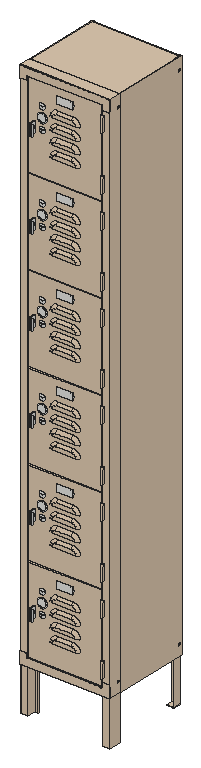
Revit family "Metal_Lockers-Salsbury_Industries-65000_66000_Series-1_Wide_Units", category Specialty Equipment, Revit 2023 (continued)
Definition of nested family "Metal Locker End Panel"
  Reference planes (in)
    plane 13 "Outside Edge of Front Flap": y = -8.23214
    plane 14 "Outside Edge of Back Flap": y = 3.898
  Forms (in)
    Extrusion 1, solid, material <- "Primary Structure Material", visible <- "Visible"
      sketch origin (-4.1325, 0.48244, 0) x (0, 0, -1) y (0, -1, 0)
        loop
          line (-72, 8.71458) -> (-72, -3.41556) -> (0, -3.41556) -> (0, 8.71458) -> (-72, 8.71458)
      from 0 to -0.06
    Extrusion 2, solid, material <- "Primary Structure Material", visible <- "Visible"
      sketch origin (0, 3.838, 0) x (0, 0, -1) y (1, 0, 0)
        loop
          line (-72, -5.0575) -> (0, -5.0575) -> (0, -4.1325) -> (-72, -4.1325) -> (-72, -5.0575)
      from 0 to -0.06
    Extrusion 3, solid, material <- "Primary Structure Material", visible <- "Visible"
      sketch origin (0, -8.172, 0) x (1, 0, 0) y (0, 0, 1)
        loop
          line (-5.0575, 70.283) -> (-5.0575, 1.717) -> (-4.1325, 1.717) -> (-4.1325, 70.283) -> (-5.0575, 70.283)
      from 0.06014 to 0
  Dimensions and locks (in)
    equal spacing: plane 6 "Front of Panel", plane 1 "Center (Front/Back)", plane 9 "Back of Panel"
    "Depth": plane 6 "Front of Panel" to plane 9 "Back of Panel"
    equal spacing: plane 8 "Left Side of Enclosure", plane 3 "Center (Left/Right)", plane 7 "Right Side of Enclosure"
    "Width": plane 8 "Left Side of Enclosure" to plane 7 "Right Side of Enclosure"
    equal spacing: plane 5 "Top of Panel", plane 10, plane 2
    "Height": plane 5 "Top of Panel" to plane 2
    locked: plane 5 "Top of Panel" to plane 11 at 1.717
    locked: plane 13 "Outside Edge of Front Flap" to plane 6 "Front of Panel" at 0.06014
    locked: plane 9 "Back of Panel" to plane 14 "Outside Edge of Back Flap" at 0.06
    aligned and locked: level to plane 2
    aligned and locked: plane 5 "Top of Panel" to Extrusion 1 sketch curve
    aligned and locked: plane 5 "Top of Panel" to Extrusion 2 sketch curve
    aligned and locked: Extrusion 2 to plane 9 "Back of Panel"
    aligned and locked: plane 11 to Extrusion 3 sketch curve
    aligned and locked: plane 6 "Front of Panel" to Extrusion 3
    aligned and locked: plane 14 "Outside Edge of Back Flap" to Extrusion 2
    aligned and locked: Extrusion 1 to plane 14 "Outside Edge of Back Flap"
    aligned and locked: plane 13 "Outside Edge of Front Flap" to Extrusion 3
    aligned and locked: Extrusion 2 to plane 7 "Right Side of Enclosure"
    aligned and locked: Extrusion 3 to plane 7 "Right Side of Enclosure"
  Automatic sketch dimensions
    Extrusion 1 sketch curve to level = 0.000"
    Extrusion 2 sketch curve to level = 0.000"
    plane 8 "Left Side of Enclosure" to Extrusion 2 sketch curve = 0.000"
    plane 7 "Right Side of Enclosure" to Extrusion 2 sketch curve = 0.000"
    plane 8 "Left Side of Enclosure" to Extrusion 3 sketch curve = 0.000"
    Extrusion 3 sketch curve to plane 12 = 0.000"
    plane 7 "Right Side of Enclosure" to Extrusion 3 sketch curve = 0.000"
    Extrusion 1 sketch curve to plane 14 "Outside Edge of Back Flap" = 0.000"
    plane 6 "Front of Panel" to Extrusion 1 sketch curve = 0.06014"
Definition of nested family "Metal Locker Front Filler"
  Parameters (values of type "77869 - for 6' H Lockers (Zee Base or No Legs)")
    Width = 9.000"
    Visible = yes
    Version = "1.0 (11/30/15)"
    Type Comments = "Vertical Front Filler for Standard Metal Lockers"
    Primary Structure Material = none
    Model = "77865"
    MasterFormat Title = ""
    MasterFormat Number = ""
    Manufacturer = "Salsbury Industries"
    Height = 72.000"
    Description = "9\" W Vertical Front Filler for 6' H Lockers"
    Depth = 1.500"
    Default Elevation = 0.000"
    Assembly Code = ""
  Types (9): name | Width | Visible | Model | Height | Description | Depth
    77865 - for 6' H Lockers with Legs | 15.000" | yes | "77865" | 78.000" | "15\" W Vertical Front Filler for 6' H Lockers" | 1.000"
    77869 - for 6' H Lockers with Legs | 9.000" | yes | "77865" | 78.000" | "9\" W Vertical Front Filler for 6' H Lockers" | 1.000"
    77855 - for 5' H Lockers with Legs | 15.000" | yes | "77855" | 66.000" | "15\" W Vertical Front Filler for 5' H Lockers" | 1.000"
    77859 - for 5' H Lockers with Legs | 9.000" | yes | "77859" | 66.000" | "9\" W Vertical Front Filler for 5' H Lockers" | 1.000"
    None | 15.000" | no | "n/a" | 78.000" | "" | 1.500"
    77865 - for 6' H Lockers (Zee Base or No Legs) | 15.000" | yes | "77865" | 72.000" | "15\" W Vertical Front Filler for 6' H Lockers" | 1.000"
    77869 - for 6' H Lockers (Zee Base or No Legs) | 9.000" | yes | "77865" | 72.000" | "9\" W Vertical Front Filler for 6' H Lockers" | 1.500"
    77859 - for 5' H Lockers (Zee Base or No Legs) | 9.000" | yes | "77859" | 60.000" | "9\" W Vertical Front Filler for 5' H Lockers" | 1.000"
    77855 - for 5' H Lockers (Zee Base or No Legs) | 15.000" | yes | "77855" | 60.000" | "15\" W Vertical Front Filler for 5' H Lockers" | 1.000"
  Reference planes (in)
    plane 1 "Center (Front/Back)": y = -2.167
    plane 2: z = 0
    plane 3 "Center (Left/Right)": x = -4.595
    plane 4 "Bottom of Filler": z = 0
    plane 5 "Top of Panel": z = 72
    plane 6 "Front of Filler": y = -2.917
    plane 7 "Right Side of Filler": x = -0.095
    plane 8 "Left Side of Filler": x = -9.095
    plane 9 "Back of Filler": y = -1.417
    plane 10: z = 36
  Forms (in)
    Extrusion 1, solid, material <- "Primary Structure Material", visible <- "Visible"
      sketch origin (0, 0, 0) x (0, -1, 0) y (1, 0, 0)
        loop
          line (1.417, -9.095) -> (2.917, -9.095) -> (2.917, -1.095) -> (2.869, -1.095) -> (2.869, -9.047) -> (1.417, -9.047) -> (1.417, -9.095)
      from 0 to 72
    Extrusion 2, solid, material <- "Primary Structure Material", visible <- "Visible"
      sketch origin (0, -0.20425, 0) x (0, -1, 0) y (1, 0, 0)
        loop
          line (1.30875, -0.095) -> (1.30875, -0.143) -> (2.76075, -0.143) -> (2.76075, -1.595) -> (2.80875, -1.595) -> (2.80875, -0.095) -> (1.30875, -0.095)
      from 0 to 72
    Extrusion 3, solid, material <- "Primary Structure Material", visible <- "Visible"
      sketch origin (0, 0.10825, 0) x (0, -1, 0) y (1, 0, 0)
        loop
          line (3.07325, -1.595) -> (3.07325, -0.82524) -> (3.02525, -0.82524) -> (3.02525, -1.376) -> (3.02525, -1.449) -> (3.02525, -1.522) -> (3.02525, -1.595) -> (3.07325, -1.595)
      from 0 to 72
    Extrusion 4, solid, material <- "Primary Structure Material", visible <- "Visible"
      sketch origin (0, 0, 0) x (0, -1, 0) y (1, 0, 0)
        loop
          line (2.917, -0.82524) -> (2.821, -0.82524) -> (2.821, -1.80024) -> (2.869, -1.80024) -> (2.869, -0.87324) -> (2.917, -0.87324) -> (2.917, -0.82524)
      from 0 to 72
  Dimensions and locks (in)
    equal spacing: plane 6 "Front of Filler", plane 1 "Center (Front/Back)", plane 9 "Back of Filler"
    "Depth": plane 6 "Front of Filler" to plane 9 "Back of Filler"
    equal spacing: plane 8 "Left Side of Filler", plane 3 "Center (Left/Right)", plane 7 "Right Side of Filler"
    "Width": plane 8 "Left Side of Filler" to plane 7 "Right Side of Filler"
    equal spacing: plane 5 "Top of Panel", plane 10, plane 2
    "Height": plane 5 "Top of Panel" to plane 2
    aligned and locked: level to plane 2
    aligned and locked: Extrusion 1 to plane 5 "Top of Panel"
    aligned and locked: Extrusion 2 to plane 5 "Top of Panel"
    aligned and locked: Extrusion 3 to plane 5 "Top of Panel"
    aligned and locked: Extrusion 4 to plane 5 "Top of Panel"
  Automatic sketch dimensions
    plane 9 "Back of Filler" to Extrusion 1 sketch curve = 0.000"
    plane 6 "Front of Filler" to Extrusion 1 sketch curve = 0.000"
    Extrusion 1 sketch curve to plane 8 "Left Side of Filler" = 0.000"
    Extrusion 1 sketch curve to plane 6 "Front of Filler" = 0.048"
    Extrusion 1 sketch curve to Extrusion 1 sketch curve = 0.048"
    plane 7 "Right Side of Filler" to Extrusion 1 sketch curve = 1.000"
    Extrusion 2 sketch curve to plane 7 "Right Side of Filler" = 0.000"
    plane 7 "Right Side of Filler" to Extrusion 2 sketch curve = 0.048"
    plane 9 "Back of Filler" to Extrusion 2 sketch curve = 0.096"
    plane 6 "Front of Filler" to Extrusion 2 sketch curve = 0.048"
    Extrusion 2 sketch curve to Extrusion 2 sketch curve = 0.048"
    Extrusion 2 sketch curve to Extrusion 2 sketch curve = 1.452"
    plane 6 "Front of Filler" to Extrusion 3 sketch curve = 0.000"
    plane 7 "Right Side of Filler" to Extrusion 3 sketch curve = 1.500"
    Extrusion 3 sketch curve to Extrusion 3 sketch curve = 0.073"  (x3)
    Extrusion 3 sketch curve to Extrusion 3 sketch curve = 0.55076"
    Extrusion 3 sketch curve to Extrusion 3 sketch curve = 0.048"
    plane 6 "Front of Filler" to Extrusion 4 sketch curve = 0.000"
    Extrusion 4 sketch curve to plane 6 "Front of Filler" = 0.048"
    Extrusion 4 sketch curve to Extrusion 4 sketch curve = 0.048"  (x2)
    plane 7 "Right Side of Filler" to Extrusion 4 sketch curve = 1.70524"
    plane 7 "Right Side of Filler" to Extrusion 4 sketch curve = 0.77824"
Definition of nested family "Metal Locker Flat Top Filler"
  Parameters (values of type "77842 - for 12" Deep Lockers (15" W)")
    Width = 16.250"
    Visible = yes
    Version = "1.0 (11/30/15)"
    Type Comments = "Flat Top Filler for Standard Metal Lockers"
    Primary Structure Material = none
    Model = "77842"
    MasterFormat Title = ""
    MasterFormat Number = ""
    Manufacturer = "Salsbury Industries"
    Height = 1.003"
    Description = "15\"W Flat Top In-Line Filler"
    Depth = 12.118"
    Default Elevation = 0.000"
    Assembly Code = ""
  Types (7): name | Width | Visible | Model | Depth
    77842 - for 12" Deep Lockers (15" W) | 16.250" | yes | "77842" | 12.118"
    77842 - for 12" Deep Lockers (9" W) | 10.250" | yes | "77842" | 12.118"
    77845 - for 15" Deep Lockers (15" W) | 16.250" | yes | "77845" | 15.118"
    77845 - for 15" Deep Lockers (9" W) | 10.250" | yes | "77845" | 15.118"
    77848 - for 18" Deep Lockers (15" W) | 16.250" | yes | "77848" | 18.118"
    77848 - for 18" Deep Lockers (9" W) | 10.250" | yes | "77848" | 18.118"
    None | 16.250" | no | "" | 12.118"
  Reference planes (in)
    plane 1 "Center (Front/Back)": y = -2.167
    plane 2: z = 0
    plane 3 "Center (Left/Right)": x = -4.595
    plane 4 "Bottom of Panel": z = 0
    plane 5 "Top of Panel": z = 1.003
    plane 6 "Front of Panel": y = -8.226
    plane 7 "Right Side of Enclosure": x = 3.53
    plane 8 "Left Side of Enclosure": x = -12.72
    plane 9 "Back of Panel": y = 3.892
    plane 10: z = 0.5015
  Forms (in)
    Extrusion 1, solid, material <- "Primary Structure Material", visible <- "Visible"
      sketch origin (-4.595, 0, 0) x (0, 1, 0) y (0, 0, 1)
        loop
          line (-8.226, 0) -> (-8.178, 0) -> (-8.178, 0.955) -> (3.892, 0.955) -> (3.892, 1.003) -> (-8.226, 1.003) -> (-8.226, 0)
      from -8.125 to 8.125
  Dimensions and locks (in)
    equal spacing: plane 6 "Front of Panel", plane 1 "Center (Front/Back)", plane 9 "Back of Panel"
    "Depth": plane 6 "Front of Panel" to plane 9 "Back of Panel"
    equal spacing: plane 8 "Left Side of Enclosure", plane 3 "Center (Left/Right)", plane 7 "Right Side of Enclosure"
    "Width": plane 8 "Left Side of Enclosure" to plane 7 "Right Side of Enclosure"
    equal spacing: plane 5 "Top of Panel", plane 10, plane 2
    "Height": plane 5 "Top of Panel" to plane 2
    aligned and locked: level to plane 2
    aligned and locked: Extrusion 1 to plane 7 "Right Side of Enclosure"
    aligned and locked: plane 8 "Left Side of Enclosure" to Extrusion 1
    aligned and locked: plane 6 "Front of Panel" to Extrusion 1
    aligned and locked: Extrusion 1 to plane 9 "Back of Panel"
  Automatic sketch dimensions
    plane 5 "Top of Panel" to Extrusion 1 sketch curve = 0.000"
    Extrusion 1 sketch curve to plane 6 "Front of Panel" = 0.000"
    Extrusion 1 sketch curve to level = 0.000"
    Extrusion 1 sketch curve to plane 9 "Back of Panel" = 0.000"
    Extrusion 1 sketch curve to plane 6 "Front of Panel" = 0.048"
    plane 5 "Top of Panel" to Extrusion 1 sketch curve = 0.048"
Definition of nested family "Metal Locker Flat Corner Filler"
  Parameters (values of type "77832 - for 12" Deep Lockers")
    Width = 12.625"
    Visible = yes
    Version = "1.0 (11/30/15)"
    Type Comments = "Flat Top Corner Filler for Standard Metal Lockers"
    Primary Structure Material = none
    Model = "77832"
    MasterFormat Title = ""
    MasterFormat Number = ""
    Manufacturer = "Salsbury Industries"
    Height = 0.048"
    Description = "12\"W Flat Top Corner Filler"
    Depth = 12.625"
    Default Elevation = 0.000"
    Assembly Code = ""
  Types (4): name | Width | Visible | Model | Description | Depth
    77832 - for 12" Deep Lockers | 12.625" | yes | "77832" | "12\"W Flat Top Corner Filler" | 12.625"
    77835 - for 15" Deep Lockers | 15.625" | yes | "77835" | "15\"W Flat Top Corner Filler" | 15.625"
    77838 - for 18" Deep Lockers | 18.625" | yes | "77838" | "18\"W Flat Top Corner Filler" | 18.625"
    None | 12.625" | no | "" | "" | 12.625"
  Reference planes (in)
    plane 1 "Center (Front/Back)": y = -2.167
    plane 2: z = 0
    plane 3 "Center (Left/Right)": x = -4.595
    plane 4 "Bottom of Panel": z = 0
    plane 5 "Top of Panel": z = 0.048
    plane 6 "Front of Panel": y = -8.4795
    plane 7 "Right Side of Enclosure": x = 1.7175
    plane 8 "Left Side of Enclosure": x = -10.9075
    plane 9 "Back of Panel": y = 4.1455
    plane 10: z = 0.024
  Forms (in)
    Extrusion 1, solid, material <- "Primary Structure Material", visible <- "Visible"
      sketch origin (0, 0, 0) x (0, -1, 0) y (1, 0, 0)
        loop
          line (7.8545, -10.9075) -> (7.8545, -10.2825) -> (8.4795, -10.2825) -> (8.4795, 1.7175) -> (-4.1455, 1.7175) -> (-4.1455, -10.9075) -> (7.8545, -10.9075)
      from 0 to 0.048
  Dimensions and locks (in)
    equal spacing: plane 6 "Front of Panel", plane 1 "Center (Front/Back)", plane 9 "Back of Panel"
    "Depth": plane 6 "Front of Panel" to plane 9 "Back of Panel"
    equal spacing: plane 8 "Left Side of Enclosure", plane 3 "Center (Left/Right)", plane 7 "Right Side of Enclosure"
    "Width": plane 8 "Left Side of Enclosure" to plane 7 "Right Side of Enclosure"
    equal spacing: plane 5 "Top of Panel", plane 10, plane 2
    "Height": plane 5 "Top of Panel" to plane 2
    aligned and locked: level to plane 2
    aligned and locked: Extrusion 1 to plane 9 "Back of Panel"
    aligned and locked: plane 6 "Front of Panel" to Extrusion 1
    aligned and locked: Extrusion 1 to plane 7 "Right Side of Enclosure"
    aligned and locked: plane 8 "Left Side of Enclosure" to Extrusion 1
  Automatic sketch dimensions
    Extrusion 1 sketch curve to plane 8 "Left Side of Enclosure" = 0.000"
    plane 9 "Back of Panel" to Extrusion 1 sketch curve = 0.000"
    plane 6 "Front of Panel" to Extrusion 1 sketch curve = 0.000"
    Extrusion 1 sketch curve to plane 7 "Right Side of Enclosure" = 0.000"
    Extrusion 1 sketch curve to plane 8 "Left Side of Enclosure" = 0.625"
    Extrusion 1 sketch curve to plane 6 "Front of Panel" = 0.625"
Definition of nested family "Metal Locker Sloping Hood"
  Parameters (values of type "77752 - for 12" Deep Lockers (1 Wide)")
    Width = 12.040"
    Visible = yes
    Version = "1.0 (11/30/15)"
    Type Comments = "Sloping Hood for Standard Metal Lockers"
    Slope Angle = 28.761°
    Primary Structure Material = none
    Model = "77752"
    MasterFormat Title = ""
    MasterFormat Number = ""
    Manufacturer = "Salsbury Industries"
    Height = 6.625"
    Dividing Lines = no
    Description = "12\" Deep for up to (3) 12\" Wide Lockers"
    Depth = 12.070"
    Default Elevation = 0.000"
    Assembly Code = ""
  Types (12): name | Width | Visible | Slope Angle | Model | Height | Dividing Lines | Description | Depth
    77752 - for 12" Deep Lockers (1 Wide) | 12.040" | yes | 28.761° | "77752" | 6.625" | no | "12\" Deep for up to (3) 12\" Wide Lockers" | 12.070"
    77752 - for 12" Deep Lockers (3 Wide) | 36.040" | yes | 28.761° | "77752" | 6.625" | yes | "12\" Deep for up to (3) 12\" Wide Lockers" | 12.070"
    77755 - for 15" Deep Lockers (1 Wide) | 12.040" | yes | 29.946° | "77755" | 8.682" | no | "15\" Deep for up to (3) 12\" Wide Lockers" | 15.070"
    77755 - for 15" Deep Lockers (3 Wide) | 36.040" | yes | 29.946° | "77755" | 8.628" | yes | "15\" Deep for up to (3) 12\" Wide Lockers" | 15.070"
    77758 - for 18" Deep Lockers (1 Wide) | 12.040" | yes | 30.723° | "77758" | 10.739" | no | "18\" Deep for up to (3) 12\" Wide Lockers" | 18.070"
    77758 - for 18" Deep Lockers (3 Wide) | 36.040" | yes | 30.723° | "77758" | 10.739" | yes | "18\" Deep for up to (3) 12\" Wide Lockers" | 18.070"
    None | 12.000" | no | 28.761° | "" | 6.625" | no | "" | 12.070"
    77765 - for 15" Deep Lockers (1 Wide) | 15.040" | yes | 29.946° | "77752" | 6.625" | no | "12\" Deep for up to (3) 12\" Wide Lockers" | 15.070"
    77768 - for 18" Deep Lockers (1 Wide) | 15.040" | yes | 30.723° | "77752" | 6.625" | no | "12\" Deep for up to (3) 12\" Wide Lockers" | 18.070"
    77765 - for 15" Deep Lockers (3 Wide) | 45.040" | yes | 29.946° | "77752" | 6.625" | yes | "12\" Deep for up to (3) 12\" Wide Lockers" | 15.070"
    77768 - for 18" Deep Lockers (3 Wide) | 45.040" | yes | 30.723° | "77752" | 6.625" | yes | "12\" Deep for up to (3) 12\" Wide Lockers" | 18.070"
    77759 - for 18" Deep Bridge Lockers | 72.040" | yes | 30.723° | "77752" | 6.625" | no | "12\" Deep for up to (3) 12\" Wide Lockers" | 18.070"
  Reference planes (in)
    plane 1 "Center (Front/Back)": y = -2.167
    plane 2: z = 0
    plane 3 "Center (Left/Right)": x = -4.595
    plane 4 "Bottom of Panel": z = 0
    plane 5 "Top of Panel": z = 6.625
    plane 6 "Front of Panel": y = -8.202
    plane 7 "Right Side of Enclosure": x = 1.425
    plane 8 "Left Side of Enclosure": x = -10.615
    plane 9 "Back of Panel": y = 3.868
    plane 10: z = 3.3125
    plane 11: through (0, -7.81601, 0.21186) normal (0, -0.4812, 0.8766)
    plane 12: through (0, -7.94397, 0.10626) normal (0, -0.4812, 0.8766)
    plane 13: y = 3.837
    plane 14: y = 3.806
    plane 15: y = 3.775
    plane 16: y = 3.37433
    plane 17 "Divider 1": x = -6.60167
    plane 18 "Divider 2": x = -2.58833
  Forms (in)
    Extrusion 1, solid, material <- "Primary Structure Material", visible <- "Visible"
      sketch origin (1.425, 0, 0) x (0, 0, -1) y (0, -1, 0)
        loop
          line (-6.62484, -3.868) -> (0, -3.868) -> (0, 8.202) -> (-6.62484, -3.868)
      from 0 to 0.031
    Extrusion 2, solid, material <- "Primary Structure Material", visible <- "Visible"
      sketch origin (1.425, 0, 0) x (0, 0, -1) y (0, -1, 0)
        loop
          line (0, -3.868) -> (0, -3.837) -> (-6.60783, -3.837) -> (-6.62484, -3.868) -> (0, -3.868)
      from 0.03098 to 0.40598
    Extrusion 3, solid, material <- "Primary Structure Material", visible <- "Visible"
      sketch origin (1.425, 0, 0) x (0, 0, -1) y (0, -1, 0)
        loop
          line (0, -3.837) -> (0, 8.13757) -> (-0.031, 8.08109) -> (-0.031, -3.837) -> (0, -3.837)
      from 0.031 to 0.80198
    Extrusion 4, solid, material <- "Primary Structure Material", visible <- "Visible"
      sketch origin (-10.615, 0, 0) x (0, 0, -1) y (0, -1, 0)
        loop
          line (-6.62484, -3.868) -> (0, -3.868) -> (0, 8.202) -> (-6.62484, -3.868)
      from 0 to -0.031
    Extrusion 5, solid, material <- "Primary Structure Material", visible <- "Visible"
      sketch origin (-10.615, 0, 0) x (0, 0, -1) y (0, -1, 0)
        loop
          line (0, -3.868) -> (0, -3.837) -> (-6.60783, -3.837) -> (-6.62484, -3.868) -> (0, -3.868)
      from -0.031 to -0.406
    Extrusion 6, solid, material <- "Primary Structure Material", visible <- "Visible"
      sketch origin (-10.615, 0, 0) x (0, 0, -1) y (0, -1, 0)
        loop
          line (0, -3.837) -> (0, 8.13757) -> (-0.031, 8.08109) -> (-0.031, -3.837) -> (0, -3.837)
      from -0.031 to -0.802
    Extrusion 7, solid, material <- "Primary Structure Material", visible <- "Visible"
      sketch origin (-4.595, 0, 0) x (0, 1, 0) y (0, 0, 1)
        loop
          line (3.837, 6.60783) -> (-8.202, 0) -> (-7.84238, 0) -> (-7.84238, 0.031) -> (-8.08109, 0.031) -> (3.806, 6.55545) -> (3.806, 6.21809) -> (3.837, 6.21809) -> (3.837, 6.60783)
      from -5.989 to 5.989
    Extrusion 8, solid, material <- "Primary Structure Material", visible <- "Visible"
      sketch origin (-4.595, -0.031, 0) x (0, 1, 0) y (0, 0, 1)
        loop
          line (3.837, 0.031) -> (3.837, 6.55545) -> (3.806, 6.53844) -> (3.806, 0.031) -> (3.837, 0.031)
      from -5.989 to 5.989
    Extrusion 9, solid, material <- "Primary Structure Material", visible <- "Visible"
      sketch origin (0, -0.031, 0) x (0, -1, 0) y (1, 0, 0)
        loop
          line (-3.806, -9.75653) -> (-3.40533, -9.75653) -> (-3.40533, 0.56919) -> (-3.806, 0.56919) -> (-3.806, -9.75653)
      from 0.031 to 0.06464
  Lines and regions (in)
    model lines, visible <- "Dividing Lines"
      curve 1: line (-6.60167, -8.21456, -0.0069) -> (-6.60167, 3.868, 6.62484)
      curve 2: line (-2.58833, -8.21456, -0.0069) -> (-2.58833, 3.868, 6.62484)
  Dimensions and locks (in)
    equal spacing: plane 6 "Front of Panel", plane 1 "Center (Front/Back)", plane 9 "Back of Panel"
    "Depth": plane 6 "Front of Panel" to plane 9 "Back of Panel"
    equal spacing: plane 8 "Left Side of Enclosure", plane 17 "Divider 1", plane 18 "Divider 2", plane 7 "Right Side of Enclosure"
    "Width": plane 8 "Left Side of Enclosure" to plane 7 "Right Side of Enclosure"
    equal spacing: plane 5 "Top of Panel", plane 10, plane 2
    "Height": plane 5 "Top of Panel" to plane 2
    locked: plane 11 to plane 12 at 0.031
    plane 16 to plane 15 to plane 14 to plane 13 to plane 9 "Back of Panel" = 0.40067", 0.031", 0.031", 0.031"
    equal spacing: plane 8 "Left Side of Enclosure", plane 3 "Center (Left/Right)", plane 7 "Right Side of Enclosure"
    "Slope Angle": angle plane 4 "Bottom of Panel" to plane 11
    aligned and locked: level to plane 2
    aligned and locked: Extrusion 1 to plane 9 "Back of Panel"
    aligned and locked: plane 4 "Bottom of Panel" to Extrusion 1
    aligned and locked: Extrusion 7 to Extrusion 1
    aligned and locked: Extrusion 7 to Extrusion 4
    aligned and locked: Extrusion 7 to Extrusion 8  (x2)
    aligned and locked: plane 11 to Extrusion 7 sketch curve
    aligned and locked: plane 12 to Extrusion 7 sketch curve
    aligned and locked: plane 12 to Extrusion 8 sketch curve
    aligned and locked: Extrusion 4 sketch curve to plane 11
    aligned and locked: Extrusion 1 sketch curve to plane 11
    aligned and locked: Extrusion 3 sketch curve to plane 12
    aligned and locked: Extrusion 6 sketch curve to plane 12
    aligned and locked: plane 13 to Extrusion 7
    aligned and locked: plane 14 to Extrusion 8
    aligned and locked: plane 15 to Extrusion 8
    aligned and locked: plane 16 to Extrusion 9
    aligned and locked: plane 13 to Extrusion 7 sketch curve
    aligned and locked: Extrusion 7 sketch curve to plane 14
    aligned and locked: plane 13 to Extrusion 2 sketch curve
    aligned and locked: plane 11 to Extrusion 2 sketch curve
    aligned and locked: plane 13 to Extrusion 5 sketch curve
    aligned and locked: plane 11 to Extrusion 5 sketch curve
    aligned and locked: curve 2 to plane 18 "Divider 2"
    aligned and locked: curve 1 to plane 17 "Divider 1"
  Automatic sketch dimensions
    Extrusion 7 sketch curve to level = 0.000"
    level to Extrusion 7 sketch curve = 0.031"
    Extrusion 7 sketch curve to Extrusion 7 sketch curve = 0.23871"
    Extrusion 7 sketch curve to Extrusion 7 sketch curve = 0.33736"
    Extrusion 1 sketch curve to plane 9 "Back of Panel" = 0.000"
    Extrusion 1 sketch curve to level = 0.000"
    Extrusion 2 sketch curve to plane 9 "Back of Panel" = 0.000"
    Extrusion 2 sketch curve to level = 0.000"
    Extrusion 3 sketch curve to plane 13 = 0.000"
    Extrusion 3 sketch curve to level = 0.000"
    level to Extrusion 3 sketch curve = 0.031"
    Extrusion 4 sketch curve to plane 9 "Back of Panel" = 0.000"
    Extrusion 4 sketch curve to level = 0.000"
    Extrusion 5 sketch curve to plane 9 "Back of Panel" = 0.000"
    Extrusion 5 sketch curve to level = 0.000"
    Extrusion 6 sketch curve to plane 13 = 0.000"
    Extrusion 6 sketch curve to level = 0.000"
    Extrusion 6 sketch curve to Extrusion 6 sketch curve = 0.031"
    Extrusion 8 sketch curve to plane 15 = 0.000"
    Extrusion 8 sketch curve to plane 14 = 0.000"
    level to Extrusion 8 sketch curve = 0.031"
    plane 15 to Extrusion 9 sketch curve = 0.000"
    plane 16 to Extrusion 9 sketch curve = 0.000"
    Extrusion 9 sketch curve to plane 8 "Left Side of Enclosure" = 0.85847"
    plane 7 "Right Side of Enclosure" to Extrusion 9 sketch curve = 0.85581"
    curve 1 to plane 9 "Back of Panel" = 0.000"
    plane 11 to curve 1 = 0.000"
    curve 1 to plane 11 = 0.000"
    curve 1 to level = 0.0069"
    curve 2 to plane 9 "Back of Panel" = 0.000"
    plane 11 to curve 2 = 0.000"
    curve 2 to plane 11 = 0.000"
    curve 2 to level = 0.0069"
Definition of nested family "Metal Locker Sloping Top Filler"
  Parameters (values of type "77882 - for 12" Deep Lockers (15" W)")
    Width = 16.250"
    Visible = yes
    Version = "1.0 (11/30/15)"
    Type Comments = "Sloping Hood In-Line Filler for Standard Metal Lockers"
    Slope Angle = 28.761°
    Primary Structure Material = none
    Model = "77882"
    MasterFormat Title = ""
    MasterFormat Number = ""
    Manufacturer = "Salsbury Industries"
    Height = 1.003"
    Description = "15\"W Sloping Hood In-Line Filler"
    Depth = 12.118"
    Default Elevation = 0.000"
    Assembly Code = ""
  Types (7): name | Width | Visible | Type Comments | Slope Angle | Model | Description | Depth
    77882 - for 12" Deep Lockers (15" W) | 16.250" | yes | "Sloping Hood In-Line Filler for Standard Metal Lockers" | 28.761° | "77882" | "15\"W Sloping Hood In-Line Filler" | 12.118"
    77882 - for 12" Deep Lockers (9" W) | 10.250" | yes | "Sloping Hood In-Line Filler for Standard Metal Lockers" | 28.761° | "77882" | "15\"W Sloping Hood In-Line Filler" | 12.118"
    77885 - for 15" Deep Lockers (15" W) | 16.250" | yes | "Sloping Hood In-Line Filler for Standard Metal Lockers" | 29.946° | "77885" | "15\"W Sloping Hood In-Line Filler" | 15.118"
    77885 - for 15" Deep Lockers (9" W) | 10.250" | yes | "Sloping Hood In-Line Filler for Standard Metal Lockers" | 29.946° | "77885" | "15\"W Sloping Hood In-Line Filler" | 15.118"
    77888 - for 18" Deep Lockers (15" W) | 16.250" | yes | "Sloping Hood In-Line Filler for Standard Metal Lockers" | 30.723° | "77888" | "15\"W Sloping Hood In-Line Filler" | 18.118"
    77888 - for 18" Deep Lockers (9" W) | 10.250" | yes | "Sloping Hood In-Line Filler for Standard Metal Lockers" | 30.723° | "77888" | "15\"W Sloping Hood In-Line Filler" | 18.118"
    None | 16.250" | no | "Sloping Hood for Standard Metal Lockers" | 28.761° | "" | "" | 12.118"
  Reference planes (in)
    plane 1 "Center (Front/Back)": y = -2.167
    plane 2: z = 0
    plane 3 "Center (Left/Right)": x = -4.595
    plane 4 "Bottom of Panel": z = 0
    plane 5 "Top of Panel": z = 1.003
    plane 6 "Front of Panel": y = -8.226
    plane 7 "Right Side of Enclosure": x = 3.53
    plane 8 "Left Side of Enclosure": x = -12.72
    plane 9 "Back of Panel": y = 3.892
    plane 10: z = 0.5015
    plane 11: through (0, -7.6072, 0.33964) normal (0, -0.4812, 0.8766)
    plane 12: through (0, -7.72698, 0.21914) normal (0, -0.4812, 0.8766)
  Forms (in)
    Extrusion 1, solid, material <- "Primary Structure Material", visible <- "Visible"
      sketch origin (-4.595, 0, 0) x (0, 1, 0) y (0, 0, 1)
        loop
          line (3.892, 6.65119) -> (-8.226, 0) -> (-8.226, -1.028) -> (-8.178, -1.028) -> (-8.178, -0.02841) -> (3.892, 6.59643) -> (3.892, 6.65119)
      from -8.125 to 8.125
  Dimensions and locks (in)
    equal spacing: plane 6 "Front of Panel", plane 1 "Center (Front/Back)", plane 9 "Back of Panel"
    "Depth": plane 6 "Front of Panel" to plane 9 "Back of Panel"
    equal spacing: plane 8 "Left Side of Enclosure", plane 3 "Center (Left/Right)", plane 7 "Right Side of Enclosure"
    "Width": plane 8 "Left Side of Enclosure" to plane 7 "Right Side of Enclosure"
    equal spacing: plane 5 "Top of Panel", plane 10, plane 2
    "Height": plane 5 "Top of Panel" to plane 2
    locked: plane 11 to plane 12 at 0.048
    "Slope Angle": angle plane 4 "Bottom of Panel" to plane 11
    aligned and locked: level to plane 2
    aligned and locked: plane 11 to Extrusion 1 sketch curve
    aligned and locked: plane 12 to Extrusion 1 sketch curve
    aligned and locked: Extrusion 1 to plane 7 "Right Side of Enclosure"
    aligned and locked: plane 8 "Left Side of Enclosure" to Extrusion 1
  Automatic sketch dimensions
    Extrusion 1 sketch curve to plane 6 "Front of Panel" = 0.000"
    Extrusion 1 sketch curve to Extrusion 1 sketch curve = 0.99959"
    Extrusion 1 sketch curve to level = 0.02841"
    Extrusion 1 sketch curve to plane 9 "Back of Panel" = 0.000"
Definition of nested family "Metal Locker Sloping Corner Filler"
  Parameters (values of type "77872 - for 12" Deep Lockers")
    Width = 12.695"
    Visible = yes
    Version = "1.0 (11/30/15)"
    Type Comments = "Sloping Hood Corner Filler for Standard Metal Lockers"
    Slope Angle 2 = 28.761°
    Slope Angle 1 = 28.761°
    Primary Structure Material = none
    Model = "77872"
    MasterFormat Title = ""
    MasterFormat Number = ""
    Manufacturer = "Salsbury Industries"
    Height = 6.87897"
    Description = "12\"D Sloping Hood Corner Filler"
    Depth = 12.695"
    Default Elevation = 0.000"
    Assembly Code = ""
  Types (4): name | Width | Visible | Slope Angle 2 | Slope Angle 1 | Model | Description | Depth
    77872 - for 12" Deep Lockers | 12.695" | yes | 28.761° | 28.761° | "77872" | "12\"D Sloping Hood Corner Filler" | 12.695"
    77875 - for 15" Deep Lockers | 15.695" | yes | 29.946° | 29.946° | "77875" | "15\"D Sloping Hood Corner Filler" | 15.695"
    77878 - for 18" Deep Lockers | 18.695" | yes | 30.723° | 30.723° | "77878" | "18\"D Sloping Hood Corner Filler" | 18.695"
    None | 12.695" | no | 28.723° | 28.723° | "" | "" | 12.695"
  Reference planes (in)
    plane 1 "Center (Front/Back)": y = -2.167
    plane 2: z = 0
    plane 3 "Center (Left/Right)": x = -4.595
    plane 4 "Bottom of Panel": z = 0
    plane 5 "Top of Panel": z = 6.87897
    plane 6 "Front of Panel": y = -8.5145
    plane 7 "Right Side of Enclosure": x = 1.7525
    plane 8 "Left Side of Enclosure": x = -10.9425
    plane 9 "Back of Panel": y = 4.1805
    plane 10 "Center Top/Bottom": z = 3.43948
    plane 11 "Slope 1": through (0, -7.42276, 0.59922) normal (0, -0.4812, 0.8766)
    plane 12: through (0, -7.54254, 0.47872) normal (0, -0.4812, 0.8766)
    plane 13 "Diagonal Plane": through (-10.86131, 4.09969, 48) normal (0.7071, 0.7071, 0)
    plane 14 "Cutout Plane 1": y = -7.8895
    plane 15 "Cutout Plane 2": x = 1.1275
    plane 16 "Slope 2": through (1.43902, -180, 0.17206) normal (-0.4812, 0, -0.8766)
    plane 17: through (5.04554, -180, -1.86199) normal (-0.4812, 0, -0.8766)
  Forms (in)
    Extrusion 1, solid, material <- "Primary Structure Material", visible <- "Visible"
      sketch origin (-4.595, 0, 0) x (0, 1, 0) y (0, 0, 1)
        loop
          line (-7.8895, 0.28829) -> (4.1805, 6.91313) -> (4.1805, 6.96789) -> (-7.8895, 0.34304) -> (-7.8895, 0.28829)
      from -6.3475 to 6.3475
    Extrusion 2, void
      sketch origin (0, 0, 3.43948) x (1, 0, 0) y (0, 1, 0)
        loop
          line (1.75288, -8.5145) -> (-10.9425, 4.18088) -> (-10.9425, -8.5145) -> (1.75288, -8.5145)
      from -3.43948 to 8.2673
    Extrusion 3, solid, material <- "Primary Structure Material", visible <- "Visible"
      sketch origin (0, -2.167, 0) x (1, 0, 0) y (0, 0, 1)
        loop
          line (1.1275, 0.2885) -> (1.1275, 0.34304) -> (-10.9425, 6.96789) -> (-10.9425, 6.91334) -> (1.1275, 0.2885)
      from -6.3475 to 6.3475
    Extrusion 4, void
      sketch origin (-4.595, 0, 0) x (0, 1, 0) y (0, 0, 1)
        loop
          line (4.1805, 0) -> (4.1805, 6.91313) -> (-8.41474, 0) -> (4.1805, 0)
      from -6.3475 to 6.3475
    Extrusion 5, solid, not visible
      sketch origin (1.1275, 0, 0) x (0, -1, 0) y (0, 0, 1)
        loop
          line (8.60982, 0.2885) -> (7.8895, 0.2885) -> (7.8895, 0) -> (8.60982, 0) -> (8.60982, 0.2885)
      from -0.72026 to 0
  Cuts and joins
    Extrusion 2, Extrusion 4 cuts Extrusion 1
    Extrusion 4 cuts Extrusion 3
  Dimensions and locks (in)
    equal spacing: plane 6 "Front of Panel", plane 1 "Center (Front/Back)", plane 9 "Back of Panel"
    "Depth": plane 6 "Front of Panel" to plane 9 "Back of Panel"
    equal spacing: plane 8 "Left Side of Enclosure", plane 3 "Center (Left/Right)", plane 7 "Right Side of Enclosure"
    "Width": plane 8 "Left Side of Enclosure" to plane 7 "Right Side of Enclosure"
    equal spacing: plane 5 "Top of Panel", plane 10 "Center Top/Bottom", plane 2
    "Height": plane 5 "Top of Panel" to plane 2
    locked: plane 11 "Slope 1" to plane 12 at 0.048
    locked: plane 15 "Cutout Plane 2" to plane 7 "Right Side of Enclosure" at 0.625
    locked: plane 6 "Front of Panel" to plane 14 "Cutout Plane 1" at 0.625
    locked: plane 17 to plane 16 "Slope 2" at 0.04782
    "Slope Angle 1": angle plane 4 "Bottom of Panel" to plane 11 "Slope 1"
    "Slope Angle 2": angle plane 16 "Slope 2" to plane 4 "Bottom of Panel"
    aligned and locked: level to plane 2
    aligned and locked: Extrusion 1 sketch curve to plane 14 "Cutout Plane 1"
    aligned and locked: plane 9 "Back of Panel" to Extrusion 1 sketch curve
    aligned and locked: Extrusion 1 sketch curve to plane 11 "Slope 1"
    aligned and locked: plane 12 to Extrusion 1 sketch curve
    aligned and locked: plane 8 "Left Side of Enclosure" to Extrusion 1
    aligned and locked: Extrusion 1 to plane 7 "Right Side of Enclosure"
    aligned and locked: plane 6 "Front of Panel" to Extrusion 2 sketch curve
    aligned and locked: plane 8 "Left Side of Enclosure" to Extrusion 2 sketch curve
    aligned and locked: plane 13 "Diagonal Plane" to Extrusion 2 sketch curve
    aligned and locked: plane 4 "Bottom of Panel" to cut or joined group of Extrusion 1, Extrusion 2, Extrusion 4
    aligned and locked: Extrusion 4 sketch curve to level
    aligned and locked: Extrusion 4 sketch curve to plane 9 "Back of Panel"
    aligned and locked: plane 12 to Extrusion 4 sketch curve
    aligned and locked: Extrusion 4 to plane 7 "Right Side of Enclosure"
    aligned and locked: plane 8 "Left Side of Enclosure" to Extrusion 4
    aligned and locked: cut or joined group of Extrusion 3, Extrusion 4 to plane 15 "Cutout Plane 2"
    aligned and locked: plane 6 "Front of Panel" to cut or joined group of Extrusion 3, Extrusion 4
    aligned and locked: cut or joined group of Extrusion 3, Extrusion 4 to plane 9 "Back of Panel"
    aligned and locked: Extrusion 3 sketch curve to plane 15 "Cutout Plane 2"
    aligned and locked: Extrusion 3 sketch curve to plane 16 "Slope 2"
    aligned and locked: plane 8 "Left Side of Enclosure" to Extrusion 3 sketch curve
    aligned and locked: plane 17 to Extrusion 3 sketch curve
  Automatic sketch dimensions
    Extrusion 5 sketch curve to plane 14 "Cutout Plane 1" = 0.000"
    Extrusion 5 sketch curve to level = 0.000"
    plane 6 "Front of Panel" to Extrusion 5 sketch curve = 0.09532"
    Extrusion 5 sketch curve to Extrusion 5 sketch curve = 0.2885"
Types (18): name | Zee Base | Unit Height including Sloping Hood Only | Unit Height | Type Comments | Total Door(s) Height | Top Door | Top Compartment Divider | Sloping Hood Height | Unit Height including Base Only | Overall Unit Height (including Base and Sloping Hood) | Model | Individual Door Height | Door Location D1 | Description | Depth | Compartment Divider Height | Base Height | Standard Leg Base
  66162 - with Standard 6" High Legs | Metal Locker Zee Base : None | 78.625" | 72.000" | "Standard Metal Locker - Six Tier" | 69.81949" | yes | yes | 6.625" | 78.000" | 84.625" | "66162" | 11.534" | Metal Locker Doors-12 inch with Latch Hasps : Six Tier Door - 6 foot | "1 Wide - 6 Feet High - 12 Inches Deep" | 12.010" | 11.159" | 6.000" | Metal Locker Legs : 6" High - 12" W x 12" D
  66165 - with Standard 6" High Legs | Metal Locker Zee Base : None | 80.682" | 72.000" | "Standard Metal Locker - Six Tier" | 69.81949" | yes | yes | 8.682" | 78.000" | 86.682" | "66165" | 11.534" | Metal Locker Doors-12 inch with Latch Hasps : Six Tier Door - 6 foot | "1 Wide - 6 Feet High - 15 Inches Deep" | 15.010" | 11.159" | 6.000" | Metal Locker Legs : 6" High - 12" W x 15" D
  66168 - with Standard 6" High Legs | Metal Locker Zee Base : None | 82.739" | 72.000" | "Standard Metal Locker - Six Tier" | 69.81949" | yes | yes | 10.739" | 78.000" | 88.739" | "66168" | 11.534" | Metal Locker Doors-12 inch with Latch Hasps : Six Tier Door - 6 foot | "1 Wide - 6 Feet High - 18 Inches Deep" | 18.010" | 11.159" | 6.000" | Metal Locker Legs : 6" High - 12"W x 18"D
  66162 - with 77572 Zee Base and 77550 Lockers without Legs | Metal Locker Zee Base : 77572- 12" W x 12" D | 78.625" | 72.000" | "Standard Metal Locker - Six Tier" | 69.81949" | yes | yes | 6.625" | 76.000" | 82.625" | "66162 with 77572 and 77550" | 11.534" | Metal Locker Doors-12 inch with Latch Hasps : Six Tier Door - 6 foot | "1 Wide - 6 Feet High - 12 Inches Deep with Zee Base and Lockers without Legs" | 12.010" | 11.159" | 4.000" | Metal Locker Legs : No Legs
  66165 - with 77575 Zee Base and 77550 Lockers without Legs | Metal Locker Zee Base : 77575 - 12" W x 15" D | 80.682" | 72.000" | "Standard Metal Locker - Six Tier" | 69.81949" | yes | yes | 8.682" | 76.000" | 84.682" | "66165 with 77575 and 77550" | 11.534" | Metal Locker Doors-12 inch with Latch Hasps : Six Tier Door - 6 foot | "1 Wide - 6 Feet High - 15 Inches Deep with Zee Base and Lockers without Legs" | 15.010" | 11.159" | 4.000" | Metal Locker Legs : No Legs
  66168 - with 77578 Zee Base and 77550 Lockers without Legs | Metal Locker Zee Base : 77578 - 12"W x 18"D | 82.739" | 72.000" | "Standard Metal Locker - Six Tier" | 69.81949" | yes | yes | 10.739" | 76.000" | 86.739" | "66168 with 77578 and 77550" | 11.534" | Metal Locker Doors-12 inch with Latch Hasps : Six Tier Door - 6 foot | "1 Wide - 6 Feet High - 18 Inches Deep with Zee Base and Lockers without Legs" | 18.010" | 11.159" | 4.000" | Metal Locker Legs : No Legs
  66162 - with 77550 Lockers without Legs | Metal Locker Zee Base : None | 78.625" | 72.000" | "Standard Metal Locker - Six Tier" | 69.81949" | yes | yes | 6.625" | 72.000" | 78.625" | "66162 with 77550" | 11.534" | Metal Locker Doors-12 inch with Latch Hasps : Six Tier Door - 6 foot | "1 Wide - 6 Feet High - 12 Inches Deep with Lockers without Legs" | 12.010" | 11.159" | 0.000" | Metal Locker Legs : No Legs
  66165 - with 77550 Lockers without Legs | Metal Locker Zee Base : None | 80.682" | 72.000" | "Standard Metal Locker - Six Tier" | 69.81949" | yes | yes | 8.682" | 72.000" | 80.682" | "66165 with 77550" | 11.534" | Metal Locker Doors-12 inch with Latch Hasps : Six Tier Door - 6 foot | "1 Wide - 6 Feet High - 15 Inches Deep with Lockers without Legs" | 15.010" | 11.159" | 0.000" | Metal Locker Legs : No Legs
  66168 - with 77550 Lockers without Legs | Metal Locker Zee Base : None | 82.739" | 72.000" | "Standard Metal Locker - Six Tier" | 69.81949" | yes | yes | 10.739" | 72.000" | 82.739" | "66168 with 77550" | 11.534" | Metal Locker Doors-12 inch with Latch Hasps : Six Tier Door - 6 foot | "1 Wide - 6 Feet High - 18 Inches Deep with Lockers without Legs" | 18.010" | 11.159" | 0.000" | Metal Locker Legs : No Legs
  65152 - with Standard 6" High Legs | Metal Locker Zee Base : None | 66.625" | 60.000" | "Standard Metal Locker - Five Tier" | 57.81949" | no | no | 6.625" | 66.000" | 72.625" | "65152" | 11.463" | Metal Locker Doors-12 inch with Latch Hasps : Five Tier Door - 5 foot | "1 Wide - 5 Feet High - 12 Inches Deep" | 12.010" | 11.088" | 6.000" | Metal Locker Legs : 6" High - 12" W x 12" D
  65152 - with 77572 Zee Base and 77550 Lockers without Legs | Metal Locker Zee Base : 77572- 12" W x 12" D | 66.625" | 60.000" | "Standard Metal Locker - Five Tier" | 57.81949" | no | no | 6.625" | 64.000" | 70.625" | "65152 with 77572 and 77550" | 11.463" | Metal Locker Doors-12 inch with Latch Hasps : Five Tier Door - 5 foot | "1 Wide - 5 Feet High - 12 Inches Deep with Zee Base and Lockers without Legs" | 12.010" | 11.088" | 4.000" | Metal Locker Legs : No Legs
  65152 - with 77550 Lockers without Legs | Metal Locker Zee Base : None | 66.625" | 60.000" | "Standard Metal Locker - Five Tier" | 57.81949" | no | no | 6.625" | 60.000" | 66.625" | "65152 with 77550" | 11.463" | Metal Locker Doors-12 inch with Latch Hasps : Five Tier Door - 5 foot | "1 Wide - 5 Feet High - 12 Inches Deep with Lockers without Legs" | 12.010" | 11.088" | 0.000" | Metal Locker Legs : No Legs
  65155 - with Standard 6" High Legs | Metal Locker Zee Base : None | 68.682" | 60.000" | "Standard Metal Locker - Five Tier" | 57.81949" | no | no | 8.682" | 66.000" | 74.682" | "65155" | 11.463" | Metal Locker Doors-12 inch with Latch Hasps : Six Tier Door - 6 foot | "1 Wide - 5 Feet High - 15 Inches Deep" | 15.010" | 11.088" | 6.000" | Metal Locker Legs : 6" High - 12" W x 15" D
  65155 - with 77575 Zee Base and 77550 Lockers without Legs | Metal Locker Zee Base : 77575 - 12" W x 15" D | 68.682" | 60.000" | "Standard Metal Locker - Five Tier" | 57.81949" | no | no | 8.682" | 64.000" | 72.682" | "65155 with 77575 and 77550" | 11.463" | Metal Locker Doors-12 inch with Latch Hasps : Five Tier Door - 5 foot | "1 Wide - 5 Feet High - 15 Inches Deep with Zee Base and Lockers without Legs" | 15.010" | 11.088" | 4.000" | Metal Locker Legs : No Legs
  65155 - with 77550 Lockers without Legs | Metal Locker Zee Base : None | 68.682" | 60.000" | "Standard Metal Locker - Five Tier" | 57.81949" | no | no | 8.682" | 60.000" | 68.682" | "65165 with 77550" | 11.463" | Metal Locker Doors-12 inch with Latch Hasps : Five Tier Door - 5 foot | "1 Wide - 5 Feet High - 15 Inches Deep with Lockers without Legs" | 15.010" | 11.088" | 0.000" | Metal Locker Legs : No Legs
  65158 - with Standard 6" High Legs | Metal Locker Zee Base : None | 70.739" | 60.000" | "Standard Metal Locker - Five Tier" | 57.81949" | no | no | 10.739" | 66.000" | 76.739" | "65158" | 11.463" | Metal Locker Doors-12 inch with Latch Hasps : Five Tier Door - 5 foot | "1 Wide - 5 Feet High - 18 Inches Deep" | 18.010" | 11.088" | 6.000" | Metal Locker Legs : 6" High - 12"W x 18"D
  65158 - with 77578 Zee Base and 77550 Lockers without Legs | Metal Locker Zee Base : 77578 - 12"W x 18"D | 70.739" | 60.000" | "Standard Metal Locker - Five Tier" | 57.81949" | no | no | 10.739" | 64.000" | 74.739" | "65158 with 77578 and 77550" | 11.463" | Metal Locker Doors-12 inch with Latch Hasps : Five Tier Door - 5 foot | "1 Wide - 5 Feet High - 18 Inches Deep with Zee Base and Lockers without Legs" | 18.010" | 11.088" | 4.000" | Metal Locker Legs : No Legs
  65158 - with 77550 Lockers without Legs | Metal Locker Zee Base : None | 70.739" | 60.000" | "Standard Metal Locker - Five Tier" | 57.81949" | no | no | 10.739" | 60.000" | 70.739" | "65158 with 77550" | 11.463" | Metal Locker Doors-12 inch with Latch Hasps : Five Tier Door - 5 foot | "1 Wide - 5 Feet High - 18 Inches Deep with Lockers without Legs" | 18.010" | 11.088" | 0.000" | Metal Locker Legs : No Legs
